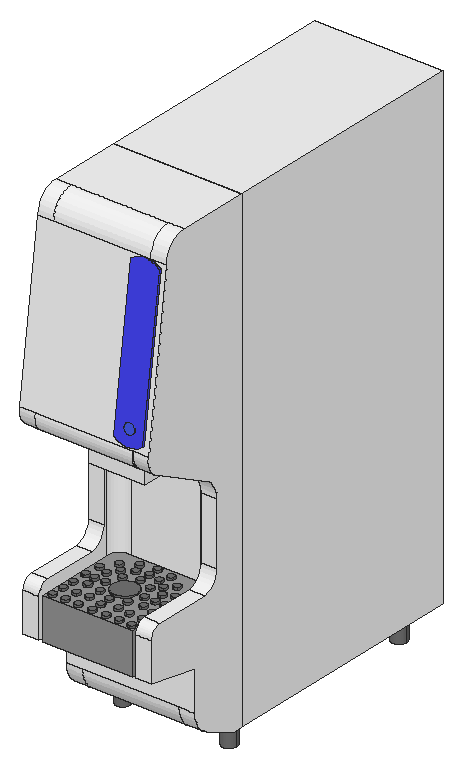
Revit family "QF_HOSHIZAKI_DSM-12DE", category Specialty Equipment, Revit 2016
Family settings
  Part Type = Normal
  Round Connector Dimension = Use Diameter
  OmniClass Number = 23.40.40.14
  OmniClass Title = Food Service Equipment
  Work Plane-Based = No
  Always vertical = Yes
  Cut with Voids When Loaded = No
  Shared = No
  Room Calculation Point = No
Parameters (values of type "DSM-12DE_230V/1Ph/50Hz")
  Weight = 26.00 kg
  Waste Remarks [instance] = ""
  Volts = 230 V
  URL Cutsheet = ""
  URL = "www.hoshizaki-europe.com"
  Status [instance] = ""
  Specification by User [instance] = ""
  Specification by Manufacturer [instance] = ""
  Serial Number = ""
  Seismic Rating = ""
  SMACNA No = ""
  Revision Code [instance] = ""
  Phase = 1
  Number of Poles = 2
  NAFEM Spec ID Number = ""
  Model = "DSM-12DE "
  Min Ckt Ampacity = 0 A
  Max Overcurrent Protection = 0 A
  Masterspec = ""
  Manufacturer = "HOSHIZAKI"
  Length Actual = 180 mm
  Item Number [instance] = ""
  Installed By [instance] = ""
  Indirect Waste Size = 12.7 mm
  Indirect Waste Connection Type [instance] = ""
  Indirect Waste Connection Height [instance] = 45 mm
  Identify Quantity as Lot [instance] = no
  Height Actual = 695 mm
  HP power = ""
  Furnished By [instance] = ""
  Foodservice Equipment Identifier [instance] = yes
  FL Amps = 20 A
  Electric power = 200 W
  Electric Connection Type [instance] = ""
  Elec Conn RI Height [instance] = 0 mm
  Elec Conn Connection Height [instance] = 65 mm
  Direct Waste RI Height [instance] = 0 mm
  Description = "DSM ICE DISPENSER, 12KG PER 24 HOURS, SHUTTLE ICE"
  Depth Actual = 527 mm
  Cycle = 50 Hz
  Cost = 0
  Conn Plug = ""
  Conn Conduit = no
  Cold Water Temperature Recommended = 0 °C
  Cold Water Size = 19.05 mm
  Cold Water Flow = 0.0 L/s
  Cold Water Connection Height [instance] = 635 mm
  CSI MasterFormat = ""
  Assembly Code = "E1090320"
  Apparent Power = 200 VA
  Accessory = no
Types (2, lengths in mm): name | Volts | Cycle
  DSM-12DE_240V/1Ph/60Hz | 240 V | 60 Hz
  DSM-12DE_230V/1Ph/50Hz | 230 V | 50 Hz
Reference planes
  plane 1 "Center (Front/Back)": y = 0
  plane 2: z = 0
  plane 3 "Center (Left/Right)": x = 0
Forms (mm)
  Extrusion 1, solid, not visible
    sketch origin (74, -2, 634) x (1, 0, 0) y (0, 1, 0)
      loop
        line (0, 0) -> (2, 0) -> (2, 2) -> (0, 2) -> (0, 0)
    from 0 to 2
  Extrusion 2, solid, not visible
    sketch origin (17, -2, 44) x (1, 0, 0) y (0, 1, 0)
      loop
        line (0, 0) -> (2, 0) -> (2, 2) -> (0, 2) -> (0, 0)
    from 0 to 2
  Extrusion 3, solid, not visible
    sketch origin (77, -2, 64) x (1, 0, 0) y (0, 1, 0)
      loop
        line (0, 0) -> (2, 0) -> (2, 2) -> (0, 2) -> (0, 0)
    from 0 to 2
  Extrusion 4, solid, not visible
    sketch origin (74, -2, 634) x (1, 0, 0) y (0, 1, 0)
      loop
        line (0, 0) -> (2, 0) -> (2, 2) -> (0, 2) -> (0, 0)
    from 0 to 2
  Extrusion 5, solid, not visible
    sketch origin (17, -2, 44) x (1, 0, 0) y (0, 1, 0)
      loop
        line (0, 0) -> (2, 0) -> (2, 2) -> (0, 2) -> (0, 0)
    from 0 to 2
  Extrusion 6, solid, not visible
    sketch origin (77, -2, 64) x (1, 0, 0) y (0, 1, 0)
      loop
        line (0, 0) -> (2, 0) -> (2, 2) -> (0, 2) -> (0, 0)
    from 0 to 2
Dimensions and locks
  aligned and locked: level to plane 2
Nested families
  nested 1: "QF_HOSHIZAKI_DSM-12DE_240V_1Ph_60Hz" at (0, 0, 0), type "DSM-12DE_240V/1Ph/60Hz"
    with Waste Water Discharge Temperature 0 °C, Status "", Specification by User "", Show Clearance yes, Revision Code "", Plumbing Remarks "", Plumbing Connection Type "", Number of Poles 1, Item Number "", Installed By "", Indirect Waste Connection Type "", Indirect Waste Connection Height 45 mm, Identify Quantity as Lot no, Furnished By "", Foodservice Equipment Identifier yes, Electrical Remarks "", Electric Connection Type "", Elec Conn RI Height 0 mm, Elec Conn Connection Height 65 mm, Conn Conduit no, Cold Water RI Height 635 mm, Cold Water Flow 0.0 L/s, Cold Water Consumption "", Cold Water Connection Height 635 mm
Connectors
  piping at (75, 0, 635), diameter 19.05, driven by "Cold Water Size", driven by "Cold Water Flow"
    settings: on Extrusion 1, index 1, connector inside diameter 609.6 mm, connector length 0 mm, flow factor 0, pipe flow 0.0 L/s, pressure drop 0.0 Pa, fitting loss kfactor 0, connector angle 0.00°, fixture units 0, engagement length 0 mm, angle of deflection 0.00°, flow configuration 1, flow direction 1, fitting loss method 0, system type 20, joint type 0, gender type 0, connector reference index -1, connector utility 0, adjustable connector no, is connector primary yes, connector description "Cold Water connection for 'DSM-12DE'"
  piping at (18, 0, 45), diameter 12.7, driven by "Indirect Waste Size"
    settings: on Extrusion 2, index 2, connector inside diameter 609.6 mm, connector length 0 mm, flow factor 0, pipe flow 0.0 L/s, pressure drop 0.0 Pa, fitting loss kfactor 0, connector angle 0.00°, fixture units 0, engagement length 0 mm, angle of deflection 0.00°, flow configuration 1, flow direction 2, fitting loss method 0, system type 16, joint type 0, gender type 0, connector reference index -1, connector utility 0, adjustable connector no, is connector primary no, connector description "Drain connection for 'DSM-12DE'"
  electrical at (78, 0, 65), driven by "Apparent Power", driven by "Number of Poles", driven by "Volts"
    settings: on Extrusion 3, index 3, voltage 230 V, apparent load 0 VA, apparent load phase1 200 VA, apparent load phase2 0 VA, apparent load phase3 0 VA, power factor 1, load classification "Other", number of poles 2, system type 31, power factor state 1, is connector primary yes, connector utility no, sub classification motor no, connector description "Electric connection for 'DSM-12DE'"
  piping at (75, 0, 635), diameter 19.05, driven by "Cold Water Size", driven by "Cold Water Flow"
    settings: on Extrusion 4, index 4, connector inside diameter 609.6 mm, connector length 0 mm, flow factor 0, pipe flow 0.0 L/s, pressure drop 0.0 Pa, fitting loss kfactor 0, connector angle 0.00°, fixture units 0, engagement length 0 mm, angle of deflection 0.00°, flow configuration 1, flow direction 1, fitting loss method 0, system type 20, joint type 0, gender type 0, connector reference index -1, connector utility 0, adjustable connector no, is connector primary no, connector description "Cold Water connection for 'DSM-12DE'"
  piping at (18, 0, 45), diameter 12.7, driven by "Indirect Waste Size"
    settings: on Extrusion 5, index 5, connector inside diameter 609.6 mm, connector length 0 mm, flow factor 0, pipe flow 0.0 L/s, pressure drop 0.0 Pa, fitting loss kfactor 0, connector angle 0.00°, fixture units 0, engagement length 0 mm, angle of deflection 0.00°, flow configuration 1, flow direction 2, fitting loss method 0, system type 16, joint type 0, gender type 0, connector reference index -1, connector utility 0, adjustable connector no, is connector primary no, connector description "Drain connection for 'DSM-12DE'"
  electrical at (78, 0, 65), driven by "Apparent Power", driven by "Number of Poles", driven by "Volts"
    settings: on Extrusion 6, index 6, voltage 230 V, apparent load 0 VA, apparent load phase1 200 VA, apparent load phase2 0 VA, apparent load phase3 0 VA, power factor 1, load classification "Other", number of poles 2, system type 31, power factor state 1, is connector primary no, connector utility no, sub classification motor no, connector description "Electric connection for 'DSM-12DE'"
Definition of nested family "QF_HOSHIZAKI_DSM-12DE_240V_1Ph_60Hz"
  Parameters (values of type "DSM-12DE_240V/1Ph/60Hz")
    Weight in Pounds = 57.3201
    Electric power = 200 W
    Waste Water Discharge Temperature [instance] = 0 °C
    Volts = 230 V
    URL Cutsheet = "www.hoshizaki-europe.com"
    URL = "www.hoshizaki-europe.com"
    Status [instance] = ""
    Specification by User [instance] = ""
    Specification by Manufacturer = ""
    Show Clearance [instance] = yes
    Serial Number = ""
    Seismic Rating = ""
    SMACNA No = ""
    Revision Code [instance] = ""
    Plumbing Remarks [instance] = ""
    Plumbing Connection Type [instance] = ""
    Phase = 1
    Number of Poles [instance] = 1
    NAFEM Spec ID Number = ""
    Model = "DSM-12DE"
    Min Ckt Ampacity = 0 A
    Max Overcurrent Protection = 0 A
    Masterspec = ""
    Manufacturer = "HOSHIZAKI"
    Item Number [instance] = ""
    Installed By [instance] = ""
    Indirect Waste Size = 12.7 mm
    Indirect Waste Flow = 0.0 L/s
    Indirect Waste Connection Type [instance] = ""
    Indirect Waste Connection Height [instance] = 45 mm
    Identify Quantity as Lot [instance] = no
    HP power = "0.268204000000"
    Furnished By [instance] = ""
    Foodservice Equipment Identifier [instance] = yes
    FL Amps = 20 A
    Electrical Remarks [instance] = ""
    Electric Connection Type [instance] = ""
    Elec Conn RI Height [instance] = 0 mm
    Elec Conn Connection Height [instance] = 65 mm
    Description = "DSM ICE DISPENSER, 12KG PER 24 HOURS, SHUTTLE ICE"
    Cycle = 50 Hz
    Conn Plug = ""
    Conn Conduit [instance] = no
    Cold Water Temperature Recommended = 35 °C
    Cold Water Size = 19.05 mm
    Cold Water RI Height [instance] = 635 mm
    Cold Water Minimum Pressure = 70000.0 Pa
    Cold Water Maximum Pressure = 780000.0 Pa
    Cold Water Flow [instance] = 0.0 L/s
    Cold Water Consumption [instance] = ""
    Cold Water Connection Height [instance] = 635 mm
    CSI MasterFormat = ""
    Assembly Code = "E1090320"
    Apparent Power = 200 VA
  Types (2, lengths in mm): name | Phase | Indirect Waste Size | Indirect Waste Connection Height | Identify Quantity as Lot | Elec Conn Connection Height | Conn Conduit | Cold Water Size | Cold Water RI Height | Cold Water Connection Height
    (no name) | 0 | 0 | 0 | yes | 0 | yes | 0 | 0 | 0
    DSM-12DE_240V/1Ph/60Hz | 1 | 12.7 | 45 | no | 65 | no | 19.05 | 635 | 635
  Values of the unnamed type that differ from the named types
    Weight in Pounds = 0
    Electric power = 0 W
    Waste Water Discharge Temperature = -273.15 °C
    Volts = 0 V
    URL Cutsheet = ""
    URL = ""
    Model = ""
    Manufacturer = ""
    HP power = ""
    FL Amps = 0 A
    Description = ""
    Cycle = 0 Hz
    Cold Water Temperature Recommended = -273.15 °C
    Cold Water Minimum Pressure = 0.0 Pa
    Cold Water Maximum Pressure = 0.0 Pa
    Apparent Power = 0 VA
  Reference planes
    plane 1 "Back": y = 0
    plane 2: z = 0
    plane 3 "Left": x = 0
    plane 4 "Right": x = 180
    plane 5 "Front": y = -510
    plane 6 "Top": z = 695
    plane 7: z = 25
  Forms (mm)
    Extrusion 1, solid
      sketch origin (0, 0, 0) x (0, 1, 0) y (0, 0, 1)
        loop
          line (-352, 25) -> (0, 25) -> (0, 695) -> (-352, 695) -> (-352, 25)
      from 0 to 180
    Extrusion 2, solid
      sketch origin (0, 0, 0) x (0, 1, 0) y (0, 0, 1)
        loop
          line (-352, 25) -> (-352, 695) -> (-452, 695)
          arc (-452, 695) -> (-474.5, 685.68) -> (-483.82, 663.18) r 31.82
          line (-483.82, 663.18) -> (-515.765, 435.836)
          arc (-515.765, 435.836) -> (-513.703, 420.646) -> (-503.836, 408.914) r 27.527
          line (-503.836, 408.914) -> (-408.492, 357.995)
          arc (-408.492, 357.995) -> (-398.924, 345.727) -> (-395.438, 330.565) r 35.939
          line (-395.438, 330.565) -> (-395.438, 242.66)
          arc (-395.438, 242.66) -> (-401.241, 226.714) -> (-415.937, 218.229) r 24.807
          line (-415.937, 218.229) -> (-495, 218.229)
          arc (-495, 218.229) -> (-505.607, 213.836) -> (-510, 203.229) r 15
          line (-510, 203.229) -> (-510, 148.35) -> (-434.289, 135) -> (-434.289, 78.649)
          arc (-434.289, 78.649) -> (-428.459, 59.2) -> (-412.892, 46.166) r 35.355
          line (-412.892, 46.166) -> (-363.636, 25) -> (-352, 25)
      from 0 to 22
    Extrusion 3, solid
      sketch origin (22, 0, 0) x (0, 1, 0) y (0, 0, 1)
        loop
          line (-352, 25) -> (-352, 695) -> (-452, 695)
          arc (-452, 695) -> (-474.5, 685.68) -> (-483.82, 663.18) r 31.82
          line (-483.82, 663.18) -> (-515.765, 435.836)
          arc (-515.765, 435.836) -> (-514.435, 420.322) -> (-503.836, 408.914) r 23.915
          line (-503.836, 408.914) -> (-408.492, 357.995) -> (-373.492, 357.995) -> (-373.492, 135) -> (-434.289, 135) -> (-434.289, 78.649)
          arc (-434.289, 78.649) -> (-428.459, 59.2) -> (-412.892, 46.166) r 35.355
          line (-412.892, 46.166) -> (-363.636, 25) -> (-352, 25)
      from 0 to 136
    Extrusion 4, solid
      sketch origin (0, 0, 0) x (1, 0, 0) y (0, 1, 0)
        loop
          line (22, -373.492) -> (22, -393.492)
          arc (22, -393.492) -> (27.858, -379.35) -> (42, -373.492) r 20
          line (42, -373.492) -> (22, -373.492)
        loop
          line (158, -373.492) -> (138, -373.492)
          arc (138, -373.492) -> (152.142, -379.35) -> (158, -393.492) r 20
          line (158, -393.492) -> (158, -373.492)
      from 148.35 to 357.995
    Extrusion 5, solid
      sketch origin (0, 0, 0) x (1, 0, 0) y (0, 1, 0)
        loop
          line (27, -510) -> (153, -510) -> (153, -393.492)
          arc (153, -393.492) -> (148.607, -382.885) -> (138, -378.492) r 15
          line (138, -378.492) -> (42, -378.492)
          arc (42, -378.492) -> (31.393, -382.885) -> (27, -393.492) r 15
          line (27, -393.492) -> (27, -510)
      from 148.35 to 205.957
    Extrusion 6, solid
      sketch origin (63, 0, 205.957) x (1, 0, 0) y (0, 1, 0)
        loop
          circle (27, -444.243) r 17.457
        loop
          circle (27, -416.786) r 5
        loop
          circle (27, -401.786) r 5
        loop
          circle (27, -386.786) r 5
        loop
          circle (27, -471.7) r 5
        loop
          circle (27, -486.7) r 5
        loop
          circle (27, -501.7) r 5
        loop
          circle (54.457, -444.243) r 5
        loop
          circle (69.457, -444.243) r 5
        loop
          circle (82.457, -444.243) r 5
        loop
          circle (46.415, -463.658) r 5
        loop
          circle (64.32, -482.76) r 5
        loop
          circle (66.225, -460.49) r 5
        loop
          circle (82.457, -466.231) r 5
        loop
          circle (46.415, -424.828) r 5
        loop
          circle (57.022, -414.221) r 5
        loop
          circle (67.628, -403.614) r 5
        loop
          circle (66.225, -427.995) r 5
        loop
          circle (80.084, -422.255) r 5
        loop
          circle (43.248, -405.018) r 5
        loop
          circle (48.988, -391.159) r 5
        loop
          circle (82.457, -501.7) r 5
        loop
          circle (82.457, -483.731) r 5
        loop
          circle (64.457, -501.7) r 5
        loop
          circle (46.457, -501.7) r 5
        loop
          circle (47.364, -481.336) r 5
        loop
          circle (-0.457, -444.243) r 5
        loop
          circle (-15.457, -444.243) r 5
        loop
          circle (-28.457, -444.243) r 5
        loop
          circle (7.585, -463.658) r 5
        loop
          circle (-10.32, -482.76) r 5
        loop
          circle (-12.225, -460.49) r 5
        loop
          circle (-28.457, -466.231) r 5
        loop
          circle (7.585, -424.828) r 5
        loop
          circle (-3.022, -414.221) r 5
        loop
          circle (-13.628, -403.614) r 5
        loop
          circle (-12.225, -427.995) r 5
        loop
          circle (-26.084, -422.255) r 5
        loop
          circle (10.752, -405.018) r 5
        loop
          circle (5.012, -391.159) r 5
        loop
          circle (-28.457, -501.7) r 5
        loop
          circle (-28.457, -483.731) r 5
        loop
          circle (-10.457, -501.7) r 5
        loop
          circle (7.543, -501.7) r 5
        loop
          circle (6.636, -481.336) r 5
      from 0 to 2
    Extrusion 7, solid
      sketch origin (6.102, 0, 0) x (0, 1, 0) y (0, 0, 1)
        loop
          line (-408.492, 357.995) -> (-458.492, 384.697) -> (-458.492, 357.995) -> (-408.492, 357.995)
      from 45 to 122.796
    Extrusion 8, solid
      sketch origin (26.421, -577.093, -0.491) x (1, 0, 0) y (0, 0.139173, 0.990268)
        loop
          arc (106.079, 450.764) -> (126.079, 443.751) -> (146.079, 450.764) r 32.024
          line (146.079, 450.764) -> (146.079, 663.18)
          arc (146.079, 663.18) -> (126.079, 670.193) -> (106.079, 663.18) r 32.024
          line (106.079, 663.18) -> (106.079, 450.764)
      from 0 to 2
    Extrusion 9, solid
      sketch origin (158, 0, 0) x (0, 1, 0) y (0, 0, 1)
        loop
          line (-352, 25) -> (-352, 695) -> (-452, 695)
          arc (-452, 695) -> (-474.5, 685.68) -> (-483.82, 663.18) r 31.82
          line (-483.82, 663.18) -> (-515.765, 435.836)
          arc (-515.765, 435.836) -> (-513.703, 420.646) -> (-503.836, 408.914) r 27.527
          line (-503.836, 408.914) -> (-408.492, 357.995)
          arc (-408.492, 357.995) -> (-398.924, 345.727) -> (-395.438, 330.565) r 35.939
          line (-395.438, 330.565) -> (-395.438, 242.66)
          arc (-395.438, 242.66) -> (-401.241, 226.714) -> (-415.937, 218.229) r 24.807
          line (-415.937, 218.229) -> (-495, 218.229)
          arc (-495, 218.229) -> (-505.607, 213.836) -> (-510, 203.229) r 15
          line (-510, 203.229) -> (-510, 148.35) -> (-434.289, 135) -> (-434.289, 78.649)
          arc (-434.289, 78.649) -> (-428.459, 59.2) -> (-412.892, 46.166) r 35.355
          line (-412.892, 46.166) -> (-363.636, 25) -> (-352, 25)
      from 0 to 22
    Extrusion 10, solid
      sketch origin (0, -577.638, 4.161) x (1, 0, 0) y (0, 0.139173, 0.990268)
        loop
          circle (153.19, 461.666) r 7.5
      from 0 to 2
    Extrusion 11, solid
      sketch origin (0, 0, 0) x (1, 0, 0) y (0, 1, 0)
        loop
          circle (15.5, -354.5) r 10.208
        loop
          circle (164.5, -354.5) r 10.208
        loop
          circle (15.5, -57) r 10.208
        loop
          circle (164.5, -57) r 10.208
      from 0 to 25
    Extrusion 12, solid
      sketch origin (18, -133, 18.5) x (1, 0, 0) y (0, 0, 1)
        loop
          circle (0, 25) r 7.5
        loop
          circle (0, 25) r 9.5
      from -150 to -133
    Extrusion 13, solid
      sketch origin (77.5, 5, 65) x (1, 0, 0) y (0, 0, 1)
        loop
          circle (0, 0) r 5
      from 0 to 5
    Extrusion 14, solid
      sketch origin (75, -133, 609) x (1, 0, 0) y (0, 0, 1)
        loop
          circle (0, 25) r 14.5
        loop
          circle (0, 25) r 12.5
      from -150 to -133
  Cuts and joins
    joined: Extrusion 2, Extrusion 3, Extrusion 4, Extrusion 7, Extrusion 9
  Lines and regions (mm)
    symbolic lines
      curve 1: line (0, 0, 0) -> (180, 0, 0)
      curve 2: line (180, 0, 0) -> (180, -516.063, 0)
      curve 3: line (180, -516.063, 0) -> (0, -516.063, 0)
      curve 4: line (0, -516.063, 0) -> (0, 0, 0)
      curve 5: line (10, 0, 0) -> (10, 17, 0)
      curve 6: line (10, 17, 0) -> (27.5, 17, 0)
      curve 7: line (27.5, 17, 0) -> (27.5, 0, 0)
      curve 8: line (60.651, 0, 0) -> (60.651, 17, 0)
      curve 9: line (60.651, 17, 0) -> (89.5, 17, 0)
      curve 10: line (89.5, 17, 0) -> (89.5, 0, 0)
      curve 11: line (0, -483.82, 0) -> (180, -483.82, 0)
  Dimensions and locks
    aligned and locked: level to plane 2
  Connectors
    electrical at (77.5, 5, 65), driven by "Apparent Power", driven by "Volts", driven by "Number of Poles"
      settings: on Extrusion 13, index 1, voltage 230 V, apparent load 0 VA, apparent load phase1 200 VA, apparent load phase2 0 VA, apparent load phase3 0 VA, power factor 1, load classification none, number of poles 1, system type 31, power factor state 1, is connector primary yes, connector utility no, sub classification motor no, connector description "Electrical Connection"
    piping at (18, 17, 43.5), diameter 12.7, driven by "Indirect Waste Size", driven by "Indirect Waste Flow"
      settings: on Extrusion 12, index 2, connector inside diameter 609.6 mm, connector length 0 mm, flow factor 0, pipe flow 0.0 L/s, pressure drop 0.0 Pa, fitting loss kfactor 0, connector angle 0.00°, fixture units 0, engagement length 0 mm, angle of deflection 0.00°, flow configuration 1, flow direction 2, fitting loss method 0, system type 16, joint type 0, gender type 0, connector reference index -1, connector utility 0, adjustable connector no, is connector primary yes, connector description "Indirect Waste"
    piping at (75, 17, 634), diameter 19.05, driven by "Cold Water Size", driven by "Cold Water Flow"
      settings: on Extrusion 14, index 3, connector inside diameter 609.6 mm, connector length 0 mm, flow factor 0, pipe flow 0.0 L/s, pressure drop 0.0 Pa, fitting loss kfactor 0, connector angle 0.00°, fixture units 0, engagement length 0 mm, angle of deflection 0.00°, flow configuration 1, flow direction 1, fitting loss method 0, system type 20, joint type 0, gender type 0, connector reference index -1, connector utility 0, adjustable connector no, is connector primary no, connector description "Cold Water Connection"
